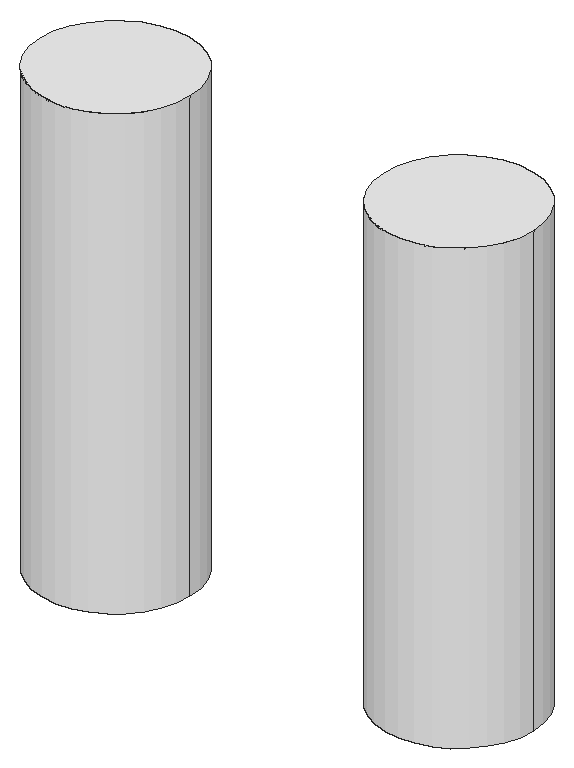
Revit family "92702009(2023)", category Plumbing Fixtures, Revit 2020
Family settings
  Round Connector Dimension = Use Diameter
  Part Type = Normal
  OmniClass Number = 23.45.55.00
  OmniClass Title = Sanitary Faucets, Wastes
  Work Plane-Based = No
  Always vertical = Yes
  Cut with Voids When Loaded = No
  Shared = No
  Room Calculation Point = No
Parameters (values of type "92702009 Washbasin faucet, 230/9 V, Bluetooth")
  Working Pressure = "100 - 1000 kPa"
  WarrantyStartDate [instance] = "n/a"
  WarrantyGuarantorParts = "n/a"
  WarrantyGuarantorLabor = "n/a"
  WarrantyDurationUnit = "Year"
  WarrantyDurationParts = "n/a"
  WarrantyDurationLabor = "n/a"
  WarrantyDescription = "http://warranty.hansa.com"
  Warranty Information URL = "http://warranty.hansa.com"
  VersionDate = "01/06/2023"
  Version = "1"
  ValvePattern = "n/a"
  ValveOperation = "n/a"
  ValveMechanism = "n/a"
  Uniclass2015Reference = "Pr_40_20_87_96"
  Uniclass2015Description = "Washbasin manual water supply sets"
  Uniclass2 = "Pr_40_30_96_96"
  URL WEEE = "http://static.hansa.com/WEEE/92702009"
  URL UWL = "http://static.hansa.com/UWL/92702009"
  URL REACH = "http://static.hansa.com/doc/reach"
  URL EcoLabel Declaration = "http://static.hansa.com/doc/EcoLabel"
  URL EU Packaging Declaration = "http://static.hansa.com/doc/packaging"
  URL Declaration of SCIP = "http://static.hansa.com/doc/SCIP"
  URL Declaration of Conformity = "http://static.hansa.com/DoC/92702009"
  URL Declaration of Asbestos = "http://static.hansa.com/doc/asbestos"
  URL Declaration Of Performance (DOP) = "http://static.hansa.com/doc/DoP"
  URL = ""
  UNSPSC Class Number = "30181700 Faucets or taps"
  Type Comments = ""
  TestPressure = "n/a"
  Temperature Adjustments = "Adjustable hot water stop (included, retrofittable)"
  Technical DataSheet URL = "http://www.hansa.com/datasheet/92702009/en"
  TagNumber [instance] = "n/a"
  SustainabilityPerformance = "n/a"
  Surface treatment = "Chrome"
  Spout Type = "Fixed spout"
  Spout Projection = "123 mm"
  Size = "70x170x135 mm"
  Shape = "Sculptured"
  SerialNumber [instance] = "n/a"
  Sales Package dimensions (LxWxH) = "284 x 191 x 83.5"
  Revision = "n/a"
  ReplacementCost = "n/a"
  Protection Class = "IP 55 / transformer IP 20"
  ProductInformation = "n/a"
  Product URL = "http://static.hansa.com/92702009"
  Product Image URL = "http://static.hansa.com/image/92702009"
  Product Family = "HANSAELECTRA Digital"
  Product Code = "92702009"
  OperatingMechanismMaterial = "n/a"
  Operating Voltage = 9 V
  Operating Distance = "20-130 mm (110/130/160 mm)"
  NominalWidth = 68.942 mm
  NominalHeight = 135.012 mm
  NominalDepth = 167.912 mm
  Noise Class = "I (ISO 3822) "
  Name_en = "92702009 Washbasin faucet, 230/9 V, Bluetooth"
  Name = "92702009 Washbasin faucet, 230/9 V, Bluetooth"
  NBSReference = "45-35-70/371"
  NBSDescription = "Water supply fittings for wash basins and troughs"
  Mounting Holes = "1 hole"
  ModelReference = "92702009"
  ModelNumber = "n/a"
  Model = "92702009 Washbasin faucet, 230/9 V, Bluetooth"
  Mobile Product Information URL = "http://mpi.hansa.com/92702009"
  Mechanical Parts = "Mixing valve for manual temperature control;Non-return valve(s);Litter filter(s)"
  Max. Hot Water Supply = 70 °C
  Max Flow Period = "2 min (1 - 1800 s)"
  Material = "Brass"
  Market = "International;Germany;Austria;Switzerland;Belgium;Netherlands;Italy"
  ManufacturerURL = "http://www.hansa.com"
  ManufacturerName = "HANSA"
  Manufacturer = "HANSA"
  Long Marketing = "Electra 92 series give you a clean classic design with beautiful round body flowing into round spout design with a clear design line framing the faucet design.\nA Classic design for any installation.\n\nKey Features\nAerator with Tilt function +/- 10° for more flexible installation\nNewest Sensor technology for better detection and operation comfort\nBluetooth technology for easy adjustment to personalize settings \nAntiscalding protection\nTemperature measurement\nDigital Network Service\nPower Plug"
  Lever Handle = "Temperature control handle"
  Keynote = ""
  InstallationDate [instance] = "n/a"
  Installation Type = "Deck mounted"
  InletConnectionSize = 10 mm
  IfcExportType = "FAUCET"  # constant formula
  IfcExportAs = "IfcValveType"  # constant formula
  Group = "Washbasin faucet"
  Grade = "n/a"
  FlowCoefficient = 0
  Flow Rate At 300kPa With Flow Controller = 0.09 L/s
  Flow Drawing URL = "http://static.hansa.com/flowchart/92702009"
  Finish = "Polished"
  Features = "Touchless;Plug transformer;Bluetooth®"
  FaucetMainMaterial = Brass
  FDV Document URL = "http://www.hansa.com/datasheet/92702009/en/fdv"
  ExpectedLife = "n/a"
  Electronic Parts = ";Power supply;Light indicated function(s)"
  Electrical Connection = "230 / 9 V"
  ETIM Class Number = "EC010340 Electronic tap"
  EN Standard = "EN 15091"
  EMC Directive = "2014/53/EU , 2011/65/EU"
  EAN Number = "4057304019463"
  DurationUnit = "Year"
  Dimension Drawing URL = "http://static.hansa.com/dimdrw/92702009"
  Description = ""
  DefaultElevation [instance] = 900 mm
  Default Elevation = 0 mm
  Constituents = "n/a"
  Connection Size = "G3/8"
  Connection = "Flexible inlet pipes"
  Color = "Chrome"
  CodePerformance = "n/a"
  CloseOffRating = 0
  Catalog Drawing URL = "http://static.hansa.com/catdrw/92702009"
  Brand = "HANSA"
  BodyMaterial = "Brass"
  Bluetooth = "5.x (D060576)"
  Barcode [instance] = "n/a"
  Backflow Prevention EN1717 = "AA"
  BIMObjectName = "92702009(2023)"
  Automatic Flush Period = "30 s (1-1800 s)"
  Automatic Flush Frequency = "off (off/1-120 h)"
  Author = "BIMStone"
  AssetType = "Fixed"
  AssetIdentifier [instance] = "n/a"
  Afterflow Period = "3 s (1-20 s)"
  Aerator = "PCA® - constant flow rate regardless of pressure variations;Adjustable flow angle"
  Advanced Features = "3S-installation system for safe and simple mounting"
  AccessibilityPerformance = "n/a"
  2D/3D/BIM Files URL = "http://static.hansa.com/bim/92702009"
Reference planes
  plane 1 "Center (Front/Back)": y = 0
  plane 2: z = 0
  plane 3 "Center (Left/Right)": x = 0
  plane 4: x = -27.96
  plane 5: z = 900
  plane 6: z = 870
  plane 7: y = -167.912
  plane 8: x = 27.96
  plane 9: z = 1035.012
  plane 10: x = 40.982
Forms (mm)
  Extrusion 1, solid, material "Brass" <- "FaucetMainMaterial"
    sketch origin (0, -2.393, 0) x (1, 0, 0) y (0, 1, 0)
      loop
        circle (-11.5, -22.5) r 5
      loop
        circle (11.5, -22.5) r 5
    from 870 to 900
Dimensions and locks
  "DefaultElevation": plane 5 to level
  locked: plane 5 to plane 6 at 30
  "NominalDepth": plane 7 to plane 1 "Center (Front/Back)"
  equal spacing: plane 4, plane 3 "Center (Left/Right)", plane 8
  "NominalHeight": plane 9 to plane 5
  locked: plane 8 to plane 10 at 13.022
  "NominalWidth": plane 4 to plane 10
  "InletConnectionSize": diameter of Extrusion 1 sketch curve  (x2)
  aligned and locked: level to plane 2
  aligned and locked: plane 5 to Extrusion 1
  aligned and locked: Extrusion 1 to plane 6
  aligned and locked: plane 1 "Center (Front/Back)" to nested 2
  aligned and locked: plane 3 "Center (Left/Right)" to nested 2
  aligned and locked: plane 3 "Center (Left/Right)" to nested 1
  aligned and locked: plane 1 "Center (Front/Back)" to nested 1
  aligned and locked: plane 5 to nested 2
Automatic sketch dimensions
  Extrusion 1 sketch curve to plane 3 "Center (Left/Right)" = 11.5 mm
  plane 3 "Center (Left/Right)" to Extrusion 1 sketch curve = 11.5 mm
  plane 1 "Center (Front/Back)" to Extrusion 1 sketch curve = 24.893 mm
  Extrusion 1 sketch curve to Extrusion 1 sketch curve = 0 mm
Nested families
  nested 1: "Symbol" at (0, 0, 0), type "Symbol", detail levels coarse
  nested 2: "92702009(2023)_Body" at (0, 0, 900), Material <- "FaucetMainMaterial", type "92702009(2023)_Body"
    with Material Brass
Connectors
  piping at (-11.5, -24.893, 870), diameter 10, driven by "InletConnectionSize"
    settings: on Extrusion 1, index 1, connector inside diameter 609.6 mm, connector length 0 mm, flow factor 0, pipe flow 0.2 L/s, pressure drop 0.0 Pa, fitting loss kfactor 0, connector angle 0.00°, fixture units 0, engagement length 0 mm, angle of deflection 0.00°, flow configuration 1, flow direction 1, fitting loss method 0, system type 19, joint type 0, gender type 0, connector reference index -1, connector utility 0, adjustable connector no, is connector primary yes, connector description ""
  piping at (11.5, -24.893, 870), diameter 10, driven by "InletConnectionSize"
    settings: on Extrusion 1, index 2, connector inside diameter 609.6 mm, connector length 0 mm, flow factor 0, pipe flow 0.2 L/s, pressure drop 0.0 Pa, fitting loss kfactor 0, connector angle 0.00°, fixture units 0, engagement length 0 mm, angle of deflection 0.00°, flow configuration 1, flow direction 1, fitting loss method 0, system type 20, joint type 0, gender type 0, connector reference index -1, connector utility 0, adjustable connector no, is connector primary no, connector description ""
Definition of nested family "Symbol"
  Reference planes
    plane 1: y = 0
    plane 2: x = 0
  Lines and regions (mm)
    detail lines
      curve 1: line (0, 0, 0) -> (0, -1.8, 0)
      curve 2: line (-0.4, -1.1, 0) -> (0.4, -1.1, 0)
      curve 3: line (-0.4, -1.4, 0) -> (0.4, -1.4, 0)
      curve 4: line (0.863, 0, 0) -> (-0.863, 0, 0)
      curve 5: circle (-1.163, 0, 0) r 0.3 normal (0, 0, -1)
      curve 6: circle (1.163, 0, 0) r 0.3 normal (0, 0, 1)
